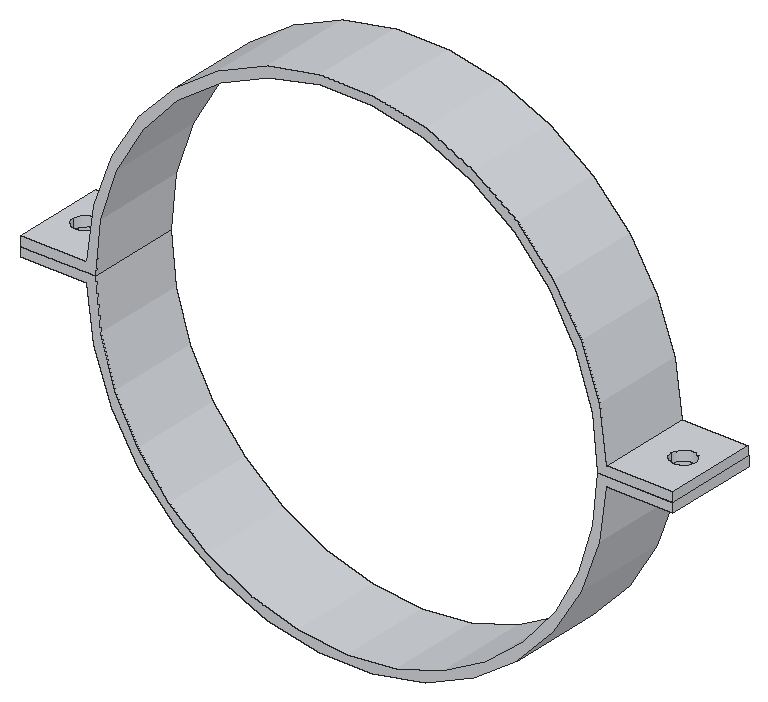
Revit family "Rohrschelle Titan HD, o.D, o.A., o.VS", category HLS-Bauteile, Revit 2017
Family settings
  Bemaßung runder Anschluss = Durchmesser verwenden
  Teiletyp = Normal
  Arbeitsebenenbasiert = Ja
  Immer vertikal = Nein
  Beim Laden mit Abzugskörper schneiden = Nein
  Gemeinsam genutzt = Ja
  Raumberechnungspunkt = Nein
Parameters (values of type "Titan HD, M12, Ø267, o.D., o.VS, o.AG.")
  vpe = "1"
  min. Rohraußendurchmesser = 0 mm
  max. zul. Last vertikal = 0.00 kN
  max. zul. Last horizontal = 0.00 kN
  max. zul. Last = 16.00 kN
  max. Temperaturbeständigkeit = ""
  max. Rohraußendurchmesser = 0 mm
  max. Höhe = 288 mm
  für Gewinde = ""
  Default Elevation = 1219.2 mm
  Verschluss-Schraube = "M12"
  Verschluss = ""
  Stärke Material = 5 mm
  S = D + 2 * MD + 2 * DF2 + DVS  # 318 mm
  Rohraußendurchmesser Zoll = ""
  Rohraußendurchmesser = 267 mm
  Regelhalter [instance] = ""
  Randabstand Lochung = ""
  RM = R + MD  # 138.5 mm
  R = D / 2  # 133.5 mm
  Oberflaeche = "galvanisch verzinkt"
  Nennweite DN Rohr = 0 mm
  Mengeneinheit = "St"
  Materialname = "S235"
  Materialmaße = "50x5,0 mm"
  Material = "Stahl"
  MD = 5 mm  # constant formula
  MB = 50 mm  # constant formula
  Lochdurchmesser = ""
  Kurztext2 = "267 mm ohne Anschluss o. Dämm."
  Kurztext1 = "Rohrschelle Form A Titan HD 50x5"
  Höhe = ""
  HGA = 11 mm  # constant formula
  H = 2 * MD + HGA + D  # 288 mm
  Gewicht pro Bauteil = Gewicht  # 1.899 kg
  Gewicht = 1.899 kg
  Firma = "MEFA Befestigungs- und Montagesysteme GmbH"
  Fabrikat = "MEFA"
  DVS = 13 mm  # constant formula
  DF2 = 14 mm
  DF1 = 29 mm  # constant formula
  D = 267 mm
  Breite Material = "50 mm"
  Breite = 347 mm
  Brandschutz = ""
  Baustoffklasse = ""
  Bauart = "zweiteilig"
  B = S + DF1  # 347 mm
  Artikelnummer = "0070881"
  Anschluss = "ohne Anschluss"
  Achsabstand = "307 mm"
  A = MD + HGA  # 16 mm
Types (21, lengths in mm): name | vpe | max. zul. Last | max. Höhe | Verschluss | Stärke Material | S | Rohraußendurchmesser Zoll | Rohraußendurchmesser | RM | R | Kurztext2 | Kurztext1 | Höhe | H | Gewicht pro Bauteil | Gewicht | DF2 | D | Breite Material | Breite | Brandschutz | B | Artikelnummer | Achsabstand
  Titan HD, M12, Ø 64, o.D., o.VS, o.AG. | "1 St" | 6.00 kN | 85 | "Schraubverschluss" | 0 | 112 | " Zoll" | 64 | 37 | 32 | "64 mm o.A." | "Rohrschelle Titan HD 50x5,0" | "85 mm" | 85 | 0.609 kg | 0.609 kg | 12.5 | 64 | "" | 141 | "RAL GZ 656" | 141 | "0070500" | "112 mm"
  Titan HD, M12, Ø 76, o.D., o.VS, o.AG. | "1 St" | 6.00 kN | 97 | "Schraubverschluss" | 0 | 125 | "2 1/2 Zoll" | 76 | 43 | 38 | "76 mm o.A." | "Rohrschelle Titan HD 50x5,0" | "97 mm" | 97 | 0.685 kg | 0.685 kg | 13 | 76 | "" | 153 | "RAL GZ 656" | 154 | "0070504" | "124 mm"
  Titan HD, M12, Ø 89, o.D., o.VS, o.AG. | "1 St" | 6.00 kN | 110 | "Schraubverschluss" | 0 | 138 | "3 Zoll" | 89 | 49.5 | 44.5 | "89 mm M12" | "Rohrschelle Titan HD 50x5,0" | "110 mm" | 110 | 0.768 kg | 0.768 kg | 13 | 89 | "" | 167 | "RAL GZ 656" | 167 | "0070506" | "138 mm"
  Titan HD, M12, Ø108, o.D., o.VS, o.AG. | "1" | 6.00 kN | 129 | "" | 5 | 157 | "" | 108 | 59 | 54 | "108 mm ohne Anschluss o. Dämm." | "Rohrschelle Form A Titan HD 50x5" | "" | 129 | 0.89 kg | 0.89 kg | 13 | 108 | "50 mm" | 186 | "" | 186 | "0070512" | "148 mm"
  Titan HD, M12, Ø110, o.D., o.VS, o.AG. | "1 St" | 6.00 kN | 131 | "Schraubverschluss" | 0 | 159 | " Zoll" | 110 | 60 | 55 | "110 mm o.A." | "Rohrschelle Titan HD 50x5,0" | "131 mm" | 131 | 1.058 kg | 1.058 kg | 13 | 110 | "" | 188 | "RAL GZ 656" | 188 | "keine Artikelnummer vergeben" | "159 mm"
  Titan HD, M12, Ø133, o.D., o.VS, o.AG. | "1" | 6.00 kN | 154 | "" | 5 | 183 | "" | 133 | 71.5 | 66.5 | "133 mm ohne Anschluss o. Dämm." | "Rohrschelle Form A Titan HD 50x5" | "" | 154 | 1.048 kg | 1.048 kg | 13.5 | 133 | "50 mm" | 212 | "" | 212 | "0070581" | "173 mm"
  Titan HD, M12, Ø135, o.D., o.VS, o.AG. | "1" | 6.00 kN | 156 | "" | 5 | 185 | "" | 135 | 72.5 | 67.5 | "135 mm ohne Anschluss o. Dämm." | "Rohrschelle Form A Titan HD 50x5" | "" | 156 | 1.06 kg | 1.06 kg | 13.5 | 135 | "50 mm" | 214 | "" | 214 | "0070600" | "175 mm"
  Titan HD, M12, Ø140, o.D., o.VS, o.AG. | "1" | 6.00 kN | 161 | "" | 5 | 190 | "" | 140 | 75 | 70 | "140 mm ohne Anschluss o. Dämm." | "Rohrschelle Form A Titan HD 50x5" | "" | 161 | 1.092 kg | 1.092 kg | 13.5 | 140 | "50 mm" | 219 | "" | 219 | "0070603" | "180 mm"
  Titan HD, M12, Ø160, o.D., o.VS, o.AG. | "1 St" | 6.00 kN | 181 | "Schraubverschluss" | 0 | 210 | " Zoll" | 160 | 85 | 80 | "160 mm, o.A., o.D." | "Rohrschelle Titan HD 50x5,0" | "181 mm" | 181 | 1.219 kg | 1.219 kg | 13.5 | 160 | "" | 239 | "RAL GZ 656" | 239 | "0070646" | "210 mm"
  Titan HD, M12, Ø165, o.D., o.VS, o.AG. | "1" | 6.00 kN | 186 | "" | 5 | 215 | "" | 165 | 87.5 | 82.5 | "165 mm ohne Anschluss o. Dämm." | "Rohrschelle Form A Titan HD 50x5" | "" | 186 | 1.251 kg | 1.251 kg | 13.5 | 165 | "50 mm" | 244 | "" | 244 | "0070686" | "205 mm"
  Titan HD, M12, Ø168, o.D., o.VS, o.AG. | "1" | 6.00 kN | 189 | "" | 5 | 218 | "" | 168 | 89 | 84 | "168 mm ohne Anschluss o. Dämm." | "Rohrschelle Form A Titan HD 50x5" | "" | 189 | 1.27 kg | 1.27 kg | 13.5 | 168 | "50 mm" | 247 | "" | 247 | "0070689" | "208 mm"
  Titan HD, M12, Ø194, o.D., o.VS, o.AG. | "1" | 16.00 kN | 215 | "" | 5 | 244 | "" | 164 | 102 | 97 | "164 mm ohne Anschluss o. Dämm." | "Rohrschelle Form A Titan HD 50x5" | "" | 215 | 1.435 kg | 1.435 kg | 13.5 | 194 | "50 mm" | 273 | "" | 273 | "0070751" | "234 mm"
  Titan HD, M12, Ø200, o.D., o.VS, o.AG. | "1" | 16.00 kN | 221 | "" | 5 | 250 | "" | 200 | 105 | 100 | "200 mm ohne Anschluss o. Dämm." | "Rohrschelle Form A Titan HD 50x5" | "" | 221 | 1.473 kg | 1.473 kg | 13.5 | 200 | "50 mm" | 279 | "" | 279 | "0070778" | "240 mm"
  Titan HD, M12, Ø210, o.D., o.VS, o.AG. | "1" | 16.00 kN | 231 | "" | 5 | 261 | "" | 210 | 110 | 105 | "210 mm ohne Anschluss o. Dämm." | "Rohrschelle Form A Titan HD 50x5" | "" | 231 | 1.537 kg | 1.537 kg | 14 | 210 | "50 mm" | 290 | "" | 290 | "0070786" | "250 mm"
  Titan HD, M12, Ø219, o.D., o.VS, o.AG. | "1" | 16.00 kN | 240 | "" | 5 | 270 | "" | 219 | 114.5 | 109.5 | "219 mm ohne Anschluss o. Dämm." | "Rohrschelle Form A Titan HD 50x5" | "" | 240 | 1.594 kg | 1.594 kg | 14 | 219 | "50 mm" | 299 | "" | 299 | "0070808" | "260 mm"
  Titan HD, M12, Ø267, o.D., o.VS, o.AG. | "1" | 16.00 kN | 288 | "" | 5 | 318 | "" | 267 | 138.5 | 133.5 | "267 mm ohne Anschluss o. Dämm." | "Rohrschelle Form A Titan HD 50x5" | "" | 288 | 1.899 kg | 1.899 kg | 14 | 267 | "50 mm" | 347 | "" | 347 | "0070881" | "307 mm"
  Titan HD, M12, Ø273, o.D., o.VS, o.AG. | "1" | 16.00 kN | 294 | "" | 5 | 324 | "" | 273 | 141.5 | 136.5 | "273 mm ohne Anschluss o. Dämm." | "Rohrschelle Form A Titan HD 50x5" | "" | 294 | 1.938 kg | 1.938 kg | 14 | 273 | "50 mm" | 353 | "" | 353 | "0070891" | "314 mm"
  Titan HD, M12, Ø324, o.D., o.VS, o.AG. | "1" | 16.00 kN | 345 | "" | 5 | 375 | "" | 324 | 167 | 162 | "324 mm ohne Anschluss o. Dämm." | "Rohrschelle Form A Titan HD 50x5" | "" | 345 | 2.262 kg | 2.262 kg | 14 | 324 | "50 mm" | 404 | "" | 404 | "0070945" | "364 mm"
  Titan HD, M12, Ø356, o.D., o.VS, o.AG. | "1" | 16.00 kN | 377 | "" | 5 | 407 | "" | 365 | 183 | 178 | "356 mm ohne Anschluss o. Dämm." | "Rohrschelle Form A Titan HD 50x5" | "" | 377 | 2.465 kg | 2.465 kg | 14 | 356 | "50 mm" | 436 | "" | 436 | "0070962" | "396 mm"
  Titan HD, M12, Ø368, o.D., o.VS, o.AG. | "1" | 16.00 kN | 389 | "" | 5 | 419 | "" | 368 | 189 | 184 | "368 mm ohne Anschluss o. Dämm." | "Rohrschelle Form A Titan HD 50x5" | "" | 389 | 2.541 kg | 2.541 kg | 14 | 368 | "50 mm" | 448 | "" | 448 | "0070964" | "408 mm"
  Titan HD, M12, Ø114, o.D., o.VS, o.AG. | "1" | 6.00 kN | 131 | "" | 5 | 163 | "" | 114 | 62 | 57 | "114 mm ohne Anschluss o. Dämm." | "Rohrschelle Form A Titan HD 50x5" | "" | 135 | 0.927 kg | 0.927 kg | 13 | 114 | "50 mm" | 188 | "" | 192 | "0070514" | "154 mm"
Reference planes
  plane 1 "Mitte (Vorne/hinten)": y = 0
  plane 2: z = 0
  plane 3 "Mitte (Links/rechts)": x = 0
  plane 4: x = 159
  plane 5: x = -159
  plane 6: x = 173.5
  plane 7: x = -173.5
  plane 8: z = 0
  plane 9: z = 0
  plane 10: z = 138.5
  plane 11: y = 0
Forms (mm)
  Sweep 1, solid, detail levels medium+fine
    path origin (0, 0, 28.791) x (1, 0, 0) y (0, 0, 1)
      loop
        line (173.5, -28.791) -> (133.5, -28.791)
        arc (133.5, -28.791) -> (0, 104.709) -> (-133.5, -28.791) r 133.5
        line (-133.5, -28.791) -> (-173.5, -28.791)
    profile origin (0, 0, 133.5) x (0, 0, -1) y (0, -1, 0)
      loop
        line (-5, -25) -> (0, -25) -> (0, 25) -> (-5, 25) -> (-5, -25)
  Sweep 2, solid, detail levels medium+fine
    path origin (0, 0, -28.791) x (1, 0, 0) y (0, 0, -1)
      loop
        line (173.5, -28.791) -> (133.5, -28.791)
        arc (133.5, -28.791) -> (0, 104.709) -> (-133.5, -28.791) r 133.5
        line (-133.5, -28.791) -> (-173.5, -28.791)
    profile origin (0, 0, -133.5) x (0, 0, -1) y (0, -1, 0)
      loop
        line (5, -25) -> (5, 25) -> (0, 25) -> (0, -25) -> (5, -25)
  Extrusion 3, void
    sketch origin (0, 0, 0) x (1, 0, 0) y (0, 1, 0)
      loop
        circle (-159, 0) r 6.5
      loop
        circle (159, 0) r 6.5
    from -50 to 50
Cuts and joins
  Extrusion 3 cuts Sweep 1
  Extrusion 3 cuts Sweep 2
Lines and regions (mm)
  model lines, not visible
    curve 1: line (27.5, 0, 0) -> (-27.5, 0, 0)
    curve 2: line (0, 0, 27.5) -> (0, 0, -27.5)
    curve 3: line (0, 27.5, 0) -> (0, -27.5, 0)
    curve 4: line (20, 0, 149.5) -> (-20, 0, 149.5)
    curve 5: line (0, 0, 165.013) -> (0, 0, 129.5)
    curve 6: line (0, 20, 149.5) -> (0, -20, 149.5)
  model lines, detail levels coarse
    curve 7: circle (0, 0, 0) r 133.5 normal (0, -1, 0)
    curve 8: line (0, 0, 149.5) -> (0, 0, 138.5)
Dimensions and locks
  equal spacing: plane 5, plane 3 "Mitte (Links/rechts)", plane 4
  equal spacing: plane 7, plane 3 "Mitte (Links/rechts)", plane 6
  "S": plane 5 to plane 4
  "B": plane 7 to plane 6
  equal spacing: Sweep 1 sketch curve, profile plane, Sweep 1 sketch curve
  "MD": Sweep 1 sketch curve to Sweep 1 sketch curve
  "MB": Sweep 1 sketch curve to Sweep 1 sketch curve
  equal spacing: Sweep 2 sketch curve, profile plane, Sweep 2 sketch curve
  "MD": Sweep 2 sketch curve to Sweep 2 sketch curve
  "MB": Sweep 2 sketch curve to Sweep 2 sketch curve
  plane 9 to plane 8 = 0 mm
  equal spacing: plane 9, level, plane 8
  "RM": level to plane 10
  "HGA": plane 10 to curve 8
  "D": diameter of Sweep 1 sketch curve
  "D": diameter of Sweep 2 sketch curve
  "DVS": diameter of Extrusion 3 sketch curve  (x2)
  "D": diameter of curve 7
  aligned and locked: level to plane 2
  aligned and locked: curve 1 to level
  aligned and locked: plane 3 "Mitte (Links/rechts)" to curve 2
  aligned and locked: curve 3 to level
  aligned and locked: plane 3 "Mitte (Links/rechts)" to curve 5
  aligned and locked: plane 3 "Mitte (Links/rechts)" to curve 8
Automatic sketch dimensions
  Sweep 1 sketch curve to level = 0 mm
  plane 7 to Sweep 1 sketch curve = 0 mm
  Sweep 1 sketch curve to plane 3 "Mitte (Links/rechts)" = 0 mm
  plane 6 to Sweep 1 sketch curve = 0 mm
  Sweep 2 sketch curve to level = 0 mm
  plane 7 to Sweep 2 sketch curve = 0 mm
  Sweep 2 sketch curve to plane 3 "Mitte (Links/rechts)" = 0 mm
  plane 6 to Sweep 2 sketch curve = 0 mm
  plane 1 "Mitte (Vorne/hinten)" to Extrusion 3 sketch curve = 0 mm  (x2)
  Extrusion 3 sketch curve to plane 5 = 0 mm
  Extrusion 3 sketch curve to plane 4 = 0 mm
  plane 1 "Mitte (Vorne/hinten)" to curve 3 = 27.5 mm
  plane 1 "Mitte (Vorne/hinten)" to curve 6 = 20 mm
  curve 3 to plane 1 "Mitte (Vorne/hinten)" = 27.5 mm
  curve 6 to curve 6 = 40 mm
  curve 7 to level = 0 mm
  curve 7 to plane 3 "Mitte (Links/rechts)" = 0 mm
  curve 8 to plane 10 = 0 mm
  curve 4 to plane 3 "Mitte (Links/rechts)" = 20 mm
  curve 1 to plane 3 "Mitte (Links/rechts)" = 27.5 mm
  plane 3 "Mitte (Links/rechts)" to curve 4 = 20 mm
  plane 3 "Mitte (Links/rechts)" to curve 1 = 27.5 mm
  curve 2 to level = 27.5 mm
  curve 7 to curve 2 = 27.5 mm
  curve 5 to plane 10 = 9 mm
  curve 8 to curve 5 = 15.513 mm
  plane 10 to curve 6 = 11 mm
  Sweep 1 sketch curve to profile plane = 0 mm
  Sweep 2 sketch curve to profile plane = 0 mm
